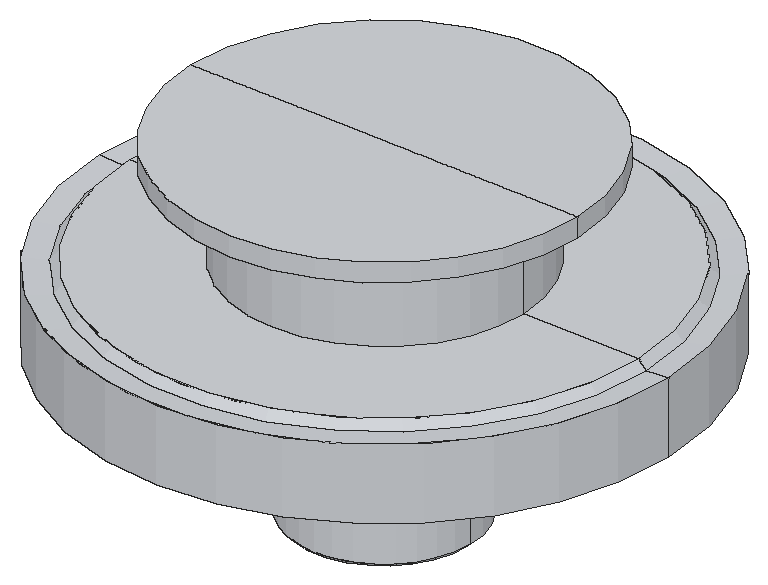
Revit family "Sioux Chief 862 Series No-Hub", category Plumbing Fixtures, Revit 2022
Family settings
  Round Connector Dimension = Use Diameter
  Part Type = Normal
  Work Plane-Based = Yes
  Always vertical = Yes
  Cut with Voids When Loaded = No
  Maintain Annotation Orientation = No
  Shared = No
  Room Calculation Point = No
Parameters (values of type "862-225NR")
  URL = "www.SiouxChief.com"
  Model = "862 Series"
  Manufacturer = "Sioux Chief Manufacturing Company"
  Description = "No-Hub Adjustable Floor Drain - Round Top"
  Default Elevation = 4' - 0"
  4" Visibility = no
  3" Visibility = no
  2" Visibiilty = yes
Types (4): name | 4" Visibility | 3" Visibility | 2" Visibiilty
  (no name) | no | no | yes
  862-225NR | no | no | yes
  862-235NR | no | yes | no
  862-245NR | yes | no | no
Reference planes (in)
  plane 1 "Center (Front/Back)": y = 0
  plane 2: z = 0
  plane 3 "Center (Left/Right)": x = 0
  plane 4: z = 1.43479
Forms (in)
  Revolve 1, solid
    sketch origin (11.5687, 0, -0.02982) x (1, 0, 0) y (0, 0, 1)
      loop
        line (-13.46026, 0.02982) -> (-15.0194, 0.02982) -> (-15.12502, -0.0758) -> (-15.43275, -0.05428) -> (-15.43275, -1.02001) -> (-14.39669, -1.02001) -> (-14.39669, -1.42189) -> (-14.31531, -1.50326) -> (-11.5687, -1.50326) -> (-11.5687, 1.46461) -> (-14.1937, 1.46461) -> (-14.1937, 1.21461) -> (-13.8815, 1.21461) -> (-13.46026, 0.8735) -> (-13.46026, 0.02982)
      axis (-11.5687, 1.46461) -> (-11.5687, -1.50326)
    angle from 0 to 360
  Revolve 2, solid, visible <- "2" Visibiilty"
    sketch origin (11.5687, 0, -0.02982) x (1, 0, 0) y (0, 0, 1)
      loop
        line (-12.5687, -3.06134) -> (-12.5687, -1.62902) -> (-11.5687, -1.62902) -> (-11.5687, -1.50326) -> (-12.80806, -1.50326) -> (-12.80806, -1.87527) -> (-12.74619, -1.93714) -> (-12.74619, -3.02234) -> (-12.70719, -3.06134) -> (-12.5687, -3.06134)
      axis (-11.5687, -1.50326) -> (-11.5687, -3.06134)
    angle from 0 to 360
  Revolve 3, solid, visible <- "3" Visibility"
    sketch origin (11.5687, 0, -0.02982) x (1, 0, 0) y (0, 0, 1)
      loop
        line (-11.5687, -1.50326) -> (-13.30806, -1.50326) -> (-13.30806, -1.87527) -> (-13.24619, -1.93714) -> (-13.24619, -3.02234) -> (-13.20719, -3.06134) -> (-13.0687, -3.06134) -> (-13.0687, -2.33215) -> (-11.5687, -2.33215) -> (-11.5687, -1.50326)
      axis (-11.5687, -1.50326) -> (-11.5687, -3.06134)
    angle from 0 to 360
  Revolve 4, solid, visible <- "4" Visibility"
    sketch origin (11.5687, 0, -0.02982) x (1, 0, 0) y (0, 0, 1)
      loop
        line (-13.80806, -1.50326) -> (-13.80806, -1.87527) -> (-13.74619, -1.93714) -> (-13.74619, -3.02234) -> (-13.70719, -3.06134) -> (-13.5687, -3.06134) -> (-13.5687, -1.65985) -> (-11.5687, -1.65985) -> (-11.5687, -1.50326) -> (-13.80806, -1.50326)
      axis (-11.5687, -1.50326) -> (-11.5687, -3.06134)
    angle from 0 to 360
Lines and regions (in)
  model lines
    curve 1: line (0, 0, 1.43479) -> (0, -2.625, 1.43479)
    curve 2: line (0, 0, 1.43479) -> (-1.68732, -2.01087, 1.43479)
    curve 3: line (0, 0, 1.43479) -> (-0.8978, 2.46669, 1.43479)
    curve 4: line (0, 0, 1.43479) -> (-2.27332, 1.3125, 1.43479)
    curve 5: line (0, 0, 1.43479) -> (-2.58512, -0.45583, 1.43479)
    curve 6: circle (0, 0, 1.43479) r 0.375 normal (0, 0, 1)
    curve 7: circle (0, 0, 1.43479) r 0.75 normal (0, 0, 1)
    curve 8: circle (0, 0, 1.43479) r 1.125 normal (0, 0, 1)
    curve 9: circle (0, 0, 1.43479) r 1.5 normal (0, 0, 1)
    curve 10: circle (0, 0, 1.43479) r 1.875 normal (0, 0, 1)
    curve 11: circle (0, 0, 1.43479) r 2.25 normal (0, 0, 1)
    curve 12: circle (0, 0, 1.43479) r 2.625 normal (0, 0, 1)
    curve 13: line (0, 0, 1.43479) -> (1.68732, -2.01087, 1.43479)
    curve 14: line (0, 0, 1.43479) -> (0.8978, 2.46669, 1.43479)
    curve 15: line (0, 0, 1.43479) -> (2.27332, 1.3125, 1.43479)
    curve 16: line (0, 0, 1.43479) -> (2.58512, -0.45583, 1.43479)
Dimensions and locks (in)
  aligned and locked: plane 2 to level
Connectors (in)
  piping at (0, 0, -3.09115), diameter 4
    settings: on Revolve 4, index 4, connector inside diameter 24", connector length 0' - 0", flow factor 0, pipe flow 0 GPM, pressure drop 0.00 psi, fitting loss kfactor 0, connector angle 0.00°, fixture units 0, engagement length 0' - 0", angle of deflection 0.00°, flow configuration 0, flow direction 2, fitting loss method 0, system type 16, joint type 0, gender type 0, connector reference index -1, connector utility 0, adjustable connector no, is connector primary yes, connector description ""
  piping at (0, 0, -1.65884), diameter 2
    settings: on Revolve 2, index 5, connector inside diameter 24", connector length 0' - 0", flow factor 0, pipe flow 0 GPM, pressure drop 0.00 psi, fitting loss kfactor 0, connector angle 0.00°, fixture units 0, engagement length 0' - 0", angle of deflection 0.00°, flow configuration 0, flow direction 2, fitting loss method 0, system type 16, joint type 0, gender type 0, connector reference index -1, connector utility 0, adjustable connector no, is connector primary no, connector description ""
  piping at (0, 0, -2.36197), diameter 3
    settings: on Revolve 3, index 6, connector inside diameter 24", connector length 0' - 0", flow factor 0, pipe flow 0 GPM, pressure drop 0.00 psi, fitting loss kfactor 0, connector angle 0.00°, fixture units 0, engagement length 0' - 0", angle of deflection 0.00°, flow configuration 0, flow direction 2, fitting loss method 0, system type 16, joint type 0, gender type 0, connector reference index -1, connector utility 0, adjustable connector no, is connector primary no, connector description ""
